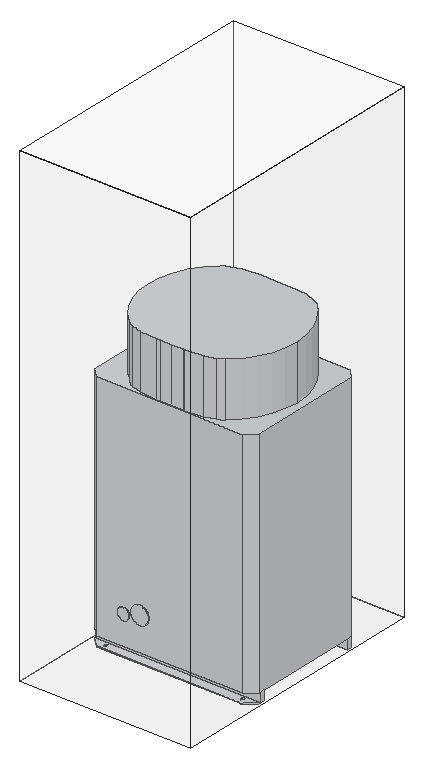
Revit family "室外機（高効率EX50Hz）_MEE修正", category 機械設備, Revit 2019
Family settings
  丸型コネクタ寸法 = 直径を使用
  パーツ タイプ = 標準
  OmniClass 番号 = 23.75.10.24.21.27.27
  OmniClass タイトル = Split System Air Conditioning Units
  作業面ベース = いいえ
  常に垂直 = はい
  ロード時にボイドで切り取り = いいえ
  共有 = いいえ
  部屋計算ポイント = いいえ
Parameters (values of type "PUHY-EP140DMG7_タイプA")
  風量（m3／min） = 165
  風量 = MAX風量  # 9900.0 m³/h
  音響パワーレベル(dB) = 76
  電源種別 = ""
  電源位置2Y（ユニット3） = 121 mm
  電源位置2Y（ユニット2） = 121 mm
  電源位置2Y（ユニット1） = 121 mm
  電源位置2X（ユニット3） = 177 mm
  電源位置2X（ユニット2） = 177 mm
  電源位置2X（ユニット1） = 177 mm
  電源位置1Z（ユニット3） = 217 mm
  電源位置1Z（ユニット2） = 217 mm
  電源位置1Z（ユニット1） = 217 mm
  電源位置1X（ユニット3） = 201 mm
  電源位置1X（ユニット2） = 201 mm
  電源位置1X（ユニット1） = 201 mm
  電圧 = 200 V
  電動機出力_送風機 = 0.35 kW
  電動機出力_圧縮機 = 3.77 kW
  集中コントローラ [instance] = ""
  運転質量 = 0.00 kg
  運転方法 = "冷暖切替"
  質量 = if(製品質量 > 運転質量, 製品質量, 運転質量) * 1.2  # 202.80 kg
  負荷分類 = 1_熱源類
  説明 = "ビル用マルチエアコン　Y　GR高効率EX　室外機"
  設計暖房能力 [instance] = 0 kW
  設計冷房能力_顕熱 [instance] = 0 kW
  設計冷房能力 [instance] = 0 kW
  設置方法 = "床置形"
  記号 [instance] = ""
  製造元 = "三菱電機株式会社"
  製品質量 = 169.00 kg
  製品出荷対象 = "国内"
  製品リリース年月 = "2020/7/22"
  製品グループ = ""
  系統 [instance] = ""
  符号 = "EHP"
  積算_科目 = "1 空気調和設備"
  積算_拾い区分 [instance] = ""
  相 = 3
  盤記号 [instance] = ""
  発停方法 = "付属スイッチ"
  特殊仕様 [instance] = ""
  消費電力_暖房 = 4.76 kW
  消費電力_冷房 = 3.6 kW
  消費電力 = if(消費電力_冷房 > 消費電力_暖房, 消費電力_冷房, 消費電力_暖房)  # 4.76 kW
  法定耐用年数 = "15"
  極数 = 3
  材質 [instance] = ""
  本体マテリアル = none
  最小電線太さ_mm2 = 5.5
  最大電流値 = 0 A
  暖房能力 = 16 kW
  推奨ブレーカー容量 = 30 A
  据付ピッチ1 = 0 mm
  形式 = "マルチパッケージ形 室外機"
  幹線記号 [instance] = ""
  始動方式 = ""
  呼称 = "マルチパッケージ形空気調和機"
  周波数 = 50 Hz
  参照している仕様書等のバージョン = "公共建築工事標準仕様書（機械設備工事編）平成31年度版"
  分類コード = "50053003300020"
  分類グループ = ""
  冷房能力 = 14 kW
  冷媒管（液）位置2 (ユニット3) = 147 mm
  冷媒管（液）位置2 (ユニット2) = 147 mm
  冷媒管（液）位置1 (ユニット3） = 251 mm
  冷媒管（ガス）位置2 (ユニット3) = 137 mm
  冷媒管（ガス）位置2 (ユニット2) = 137 mm
  冷媒管（ガス）位置1 (ユニット3) = 83 mm
  冷媒管（ガス）位置1 (ユニット1) = 83 mm
  冷媒管（液）位置1 (ユニット1) = 251 mm
  冷媒管（液）位置2 (ユニット1) = 147 mm
  冷媒管（ガス）位置2 (ユニット1) = 137 mm
  冷媒管（ガス）位置1 (ユニット2) = 83 mm
  冷媒管（液）位置1 (ユニット2） = 251 mm
  冷媒管長 [instance] = 0 mm
  冷媒管径符号 = "Bd"
  冷媒管径3 = 100.00 mm
  冷媒管径2 = 100.00 mm
  冷媒管径 = 100.00 mm
  冷媒管位置3 (ユニット3) = 242 mm
  冷媒管位置3 (ユニット2) = 242 mm
  冷媒管位置3 (ユニット1) = 242 mm
  冷媒管位置2 (ユニット3) = 142 mm
  冷媒管位置2 (ユニット2) = 142 mm
  冷媒管位置1 (ユニット2) = 292.5 mm
  冷媒管位置2 (ユニット1) = 142 mm
  冷媒管位置1 (ユニット3) = 292.5 mm
  冷媒管位置1 (ユニット1) = 292.5 mm
  冷媒液管径3 = 9.52 mm
  冷媒液管径2 = 9.52 mm
  冷媒液管径 = 9.52 mm
  冷媒ガス管径3 = 15.88 mm
  冷媒ガス管径2 = 15.88 mm
  冷媒ガス管径 = 15.88 mm
  企業コード = "108420"
  付属品 [instance] = ""
  仕様書バージョン = "Version1.0"
  ユニット隙間 = if(サービススペース_タイプA, 30 mm, 100 mm)  # 30 mm
  ユニット数 = 1
  ユニットタイプ3 = 筐体モジュール（高効率EX） : 140筐体
  ユニットタイプ2 = 筐体モジュール（高効率EX） : 140筐体
  ユニットタイプ1 = 筐体モジュール（高効率EX） : 140筐体
  ユニット3_S = no
  ユニット3_L = no
  ユニット3 = no
  ユニット2_S = no
  ユニット2_L = no
  ユニット2 = no
  ユニット1_S = no
  ユニット1_L = no
  モデル = "PUHY-EP140DMG7"
  ドレン管径 = 0.00 mm
  サービススペース_タイプA = yes
  サービススペース = yes
  コメント [instance] = ""
  ケーブル種類 = ""
  ケーブルサイズ = 0 mm
  アンカーボルト位置Y（ユニット3） = 681 mm
  アンカーボルト位置Y（ユニット2） = 681 mm
  アンカーボルト位置Y（ユニット1） = 681 mm
  アンカーボルト位置X（ユニット3） = 760 mm
  アンカーボルト位置X（ユニット2） = 760 mm
  アンカーボルト位置X（ユニット1） = 760 mm
  Width3 = 920 mm
  Width2 = 920 mm
  Width1 = 920 mm
  Width = if(ユニット3, Width1 + Width2 + Width3 + 2 * ユニット隙間, if(ユニット2, Width1 + Width2 + 1 * ユニット隙間, Width1))  # 920 mm
  Version = ""
  Uniclass2015Version = "Systems v1.9"
  Uniclass2015Title = "Split coil remote air cooled condensing units"
  Uniclass2015Code = "Pr_70_65_03_84"
  URL = "https://www.mitsubishielectric.co.jp/ldg/wink/ssl/displayProduct.do?pid=307677"
  SpecificationReference = ""
  SpecificationDescription = ""
  Revision = ""
  ProductInformation = ""
  OmniClassCode = "23-75 10 24 21 27 27"
  MAX風量 = 風量（m3／min） * 60.0 m³/h  # 9900.0 m³/h
  IfcTypeProduct = ""
  IfcProduct = ""
  IfcExportType = "AIRCONDITIONINGUNIT"
  IfcExportAs = "IfcUnitaryEquipmentType"
  Height = 1650 mm
  Depth = 740 mm
  Clearance Top [instance] = if(サービススペース_タイプA, 1000 mm, 1000 mm)  # 1000 mm
  Clearance Right [instance] = if(サービススペース_タイプA, 15 mm, 50 mm)  # 15 mm
  Clearance Left [instance] = if(サービススペース_タイプA, 15 mm, 50 mm)  # 15 mm
  Clearance Front [instance] = if(サービススペース_タイプA, 450 mm, 450 mm)  # 450 mm
  Clearance Back [instance] = if(サービススペース_タイプA, 300 mm, 100 mm)  # 300 mm
  COP = 0
  Author = "三菱電機株式会社"
  APF = 5.7
Reference planes
  plane 1 "中心(正面/背面)": y = 0
  plane 2: z = 0
  plane 3 "中心(左/右)": x = 2230
  plane 4 "右": x = 2690
  plane 5 "左": x = 1770
  plane 6 "背面": y = 370
  plane 7 "正面": y = -370
  plane 8: z = 1347
  plane 9 "上部": z = 1650
  plane 10 "Clearanse Top": z = 2650
  plane 11: x = 162.5
  plane 12 "冷媒操作弁ガス芯2": y = -228
  plane 13 "冷媒操作弁液芯2": y = -228
  plane 14 "SS_back": y = 670
  plane 15 "SS_front": y = -820
  plane 16 "SS_left": x = 1755
  plane 17 "SS_right": x = 2705
  plane 18: x = 790
  plane 19: x = 820
  plane 20: x = 1740
  plane 21: x = 1770
  plane 22: x = -130
  plane 23: x = 1112.5
  plane 24: x = 2062.5
  plane 25: x = 330
  plane 26: x = 1280
  plane 27: x = 2230
  plane 28: z = 53
  plane 29: z = 242
  plane 30: y = -228
  plane 31: z = 54
  plane 32: z = 242
  plane 33: z = 242
  plane 34: z = 217
  plane 35: z = 217
  plane 36: z = 217
  plane 37: y = -249
  plane 38: y = -249
  plane 39: y = -249
  plane 40: x = 1947
  plane 41: x = 997
  plane 42: x = 47
  plane 43: x = 71
  plane 44: x = 1021
  plane 45: x = 1971
Forms (mm)
  Extrusion 1, solid, detail levels fine
    sketch origin (0, -370, 0) x (1, 0, 0) y (0, 0, 1)
      loop
        circle (2062.5, 242) r 50
    from 0 to 1
  Extrusion 2, solid, visible <- "ユニット2", detail levels fine
    sketch origin (0, -370, 0) x (1, 0, 0) y (0, 0, 1)
      loop
        circle (1112.5, 242) r 50
    from 0 to 1
  Extrusion 3, solid, visible <- "ユニット3", detail levels fine
    sketch origin (0, -370, 0) x (1, 0, 0) y (0, 0, 1)
      loop
        circle (162.5, 242) r 50
    from 0 to 1
  Extrusion 4, solid, detail levels fine
    sketch origin (-1437.329, -1524, 54) x (-1, 0, 0) y (0, -1, 0)
      loop
        circle (-3499.829, -1296) r 50
    from 0 to -1
  Extrusion 5, solid, visible <- "ユニット2", detail levels fine
    sketch origin (-1437.329, -1524, 54) x (-1, 0, 0) y (0, -1, 0)
      loop
        circle (-2549.829, -1296) r 50
    from 0 to -1
  Extrusion 6, solid, visible <- "ユニット3", detail levels fine
    sketch origin (-1437.329, -1524, 54) x (-1, 0, 0) y (0, -1, 0)
      loop
        circle (-1599.829, -1296) r 50
    from 0 to -1
  Extrusion 7, solid, detail levels fine
    sketch origin (-1437.329, -1524, 54) x (-1, 0, 0) y (0, -1, 0)
      loop
        circle (-3384.329, -1275) r 32.5
    from -1 to 0
  Extrusion 8, solid, visible <- "ユニット2", detail levels fine
    sketch origin (-1437.329, -1524, 54) x (-1, 0, 0) y (0, -1, 0)
      loop
        circle (-2434.329, -1275) r 32.5
    from -1 to 0
  Extrusion 9, solid, visible <- "ユニット3", detail levels fine
    sketch origin (-1437.329, -1524, 54) x (-1, 0, 0) y (0, -1, 0)
      loop
        circle (-1484.329, -1275) r 32.5
    from -1 to 0
  Extrusion 10, solid, detail levels fine
    sketch origin (0, -370, 0) x (1, 0, 0) y (0, 0, 1)
      loop
        circle (1971, 217) r 32.5
    from 0 to 1
  Extrusion 11, solid, visible <- "ユニット2", detail levels fine
    sketch origin (0, -370, 0) x (1, 0, 0) y (0, 0, 1)
      loop
        circle (1021, 217) r 32.5
    from 0 to 1
  Extrusion 12, solid, visible <- "ユニット3", detail levels fine
    sketch origin (0, -370, 0) x (1, 0, 0) y (0, 0, 1)
      loop
        circle (71, 217) r 32.5
    from 0 to 1
Lines and regions (mm)
  model lines, not visible
    curve 1: line (460, 178.667, 1289.179) -> (460, 297.73, 1289.179)
    curve 2: line (460, 178.667, 1056.056) -> (460, 178.667, 1289.179)
    curve 3: line (460, 297.73, 1056.056) -> (460, 178.667, 1056.056)
    curve 4: line (460, 297.73, 1289.179) -> (460, 297.73, 1056.056)
    curve 5: line (460, 47.598, 1289.179) -> (460, 166.661, 1289.179)
    curve 6: line (460, 47.598, 1056.056) -> (460, 47.598, 1289.179)
    curve 7: line (460, 166.661, 1056.056) -> (460, 47.598, 1056.056)
    curve 8: line (460, 166.661, 1289.179) -> (460, 166.661, 1056.056)
    curve 9: line (460, -83.471, 1289.179) -> (460, 35.592, 1289.179)
    curve 10: line (460, -83.471, 1056.056) -> (460, -83.471, 1289.179)
    curve 11: line (460, 35.592, 1056.056) -> (460, -83.471, 1056.056)
    curve 12: line (460, 35.592, 1289.179) -> (460, 35.592, 1056.056)
    curve 13: line (460, -150.779, 1289.179) -> (460, -95.75, 1289.179)
    curve 14: line (460, -150.779, 1056.056) -> (460, -150.779, 1289.179)
    curve 15: line (460, -95.75, 1056.056) -> (460, -150.779, 1056.056)
    curve 16: line (460, -95.75, 1289.179) -> (460, -95.75, 1056.056)
    curve 17: line (460, -150.779, 1283.175) -> (460, -132.596, 1283.175)
    curve 18: line (460, -150.779, 1062.059) -> (460, -150.779, 1283.175)
    curve 19: line (460, -132.596, 1062.059) -> (460, -150.779, 1062.059)
    curve 20: line (460, -132.596, 1283.175) -> (460, -132.596, 1062.059)
    curve 21: line (460, 178.667, 1046.051) -> (460, 297.73, 1046.051)
    curve 22: line (460, 178.667, 812.928) -> (460, 178.667, 1046.051)
    curve 23: line (460, 297.73, 812.928) -> (460, 178.667, 812.928)
    curve 24: line (460, 297.73, 1046.051) -> (460, 297.73, 812.928)
    curve 25: line (460, 47.598, 1046.051) -> (460, 166.661, 1046.051)
    curve 26: line (460, 47.598, 812.928) -> (460, 47.598, 1046.051)
    curve 27: line (460, 166.661, 812.928) -> (460, 47.598, 812.928)
    curve 28: line (460, 166.661, 1046.051) -> (460, 166.661, 812.928)
    curve 29: line (460, -83.471, 1046.051) -> (460, 35.592, 1046.051)
    curve 30: line (460, -83.471, 812.928) -> (460, -83.471, 1046.051)
    curve 31: line (460, 35.592, 812.928) -> (460, -83.471, 812.928)
    curve 32: line (460, 35.592, 1046.051) -> (460, 35.592, 812.928)
    curve 33: line (460, -150.779, 1046.051) -> (460, -95.75, 1046.051)
    curve 34: line (460, -150.779, 812.928) -> (460, -150.779, 1046.051)
    curve 35: line (460, -95.75, 812.928) -> (460, -150.779, 812.928)
    curve 36: line (460, -95.75, 1046.051) -> (460, -95.75, 812.928)
    curve 37: line (460, -150.779, 1040.048) -> (460, -132.596, 1040.048)
    curve 38: line (460, -150.779, 818.931) -> (460, -150.779, 1040.048)
    curve 39: line (460, -132.596, 818.931) -> (460, -150.779, 818.931)
    curve 40: line (460, -132.596, 1040.048) -> (460, -132.596, 818.931)
    curve 41: line (460, 178.667, 802.923) -> (460, 297.73, 802.923)
    curve 42: line (460, 178.667, 569.8) -> (460, 178.667, 802.923)
    curve 43: line (460, 297.73, 569.8) -> (460, 178.667, 569.8)
    curve 44: line (460, 297.73, 802.923) -> (460, 297.73, 569.8)
    curve 45: line (460, 47.598, 802.923) -> (460, 166.661, 802.923)
    curve 46: line (460, 47.598, 569.8) -> (460, 47.598, 802.923)
    curve 47: line (460, 166.661, 569.8) -> (460, 47.598, 569.8)
    curve 48: line (460, 166.661, 802.923) -> (460, 166.661, 569.8)
    curve 49: line (460, -83.471, 802.923) -> (460, 35.592, 802.923)
    curve 50: line (460, -83.471, 569.8) -> (460, -83.471, 802.923)
    curve 51: line (460, 35.592, 569.8) -> (460, -83.471, 569.8)
    curve 52: line (460, 35.592, 802.923) -> (460, 35.592, 569.8)
    curve 53: line (460, -150.779, 802.923) -> (460, -95.75, 802.923)
    curve 54: line (460, -150.779, 569.8) -> (460, -150.779, 802.923)
    curve 55: line (460, -95.75, 569.8) -> (460, -150.779, 569.8)
    curve 56: line (460, -95.75, 802.923) -> (460, -95.75, 569.8)
    curve 57: line (460, -150.779, 796.92) -> (460, -132.596, 796.92)
    curve 58: line (460, -150.779, 575.803) -> (460, -150.779, 796.92)
    curve 59: line (460, -132.596, 575.803) -> (460, -150.779, 575.803)
    curve 60: line (460, -132.596, 796.92) -> (460, -132.596, 575.803)
    curve 61: line (460, 178.667, 559.795) -> (460, 297.73, 559.795)
    curve 62: line (460, 178.667, 326.672) -> (460, 178.667, 559.795)
    curve 63: line (460, 297.73, 326.672) -> (460, 178.667, 326.672)
    curve 64: line (460, 297.73, 559.795) -> (460, 297.73, 326.672)
    curve 65: line (460, 47.598, 559.795) -> (460, 166.661, 559.795)
    curve 66: line (460, 47.598, 326.672) -> (460, 47.598, 559.795)
    curve 67: line (460, 166.661, 326.672) -> (460, 47.598, 326.672)
    curve 68: line (460, 166.661, 559.795) -> (460, 166.661, 326.672)
    curve 69: line (460, -83.471, 559.795) -> (460, 35.592, 559.795)
    curve 70: line (460, -83.471, 326.672) -> (460, -83.471, 559.795)
    curve 71: line (460, 35.592, 326.672) -> (460, -83.471, 326.672)
    curve 72: line (460, 35.592, 559.795) -> (460, 35.592, 326.672)
    curve 73: line (460, -150.779, 559.795) -> (460, -95.75, 559.795)
    curve 74: line (460, -150.779, 326.672) -> (460, -150.779, 559.795)
    curve 75: line (460, -95.75, 326.672) -> (460, -150.779, 326.672)
    curve 76: line (460, -95.75, 559.795) -> (460, -95.75, 326.672)
    curve 77: line (460, -150.779, 553.792) -> (460, -132.596, 553.792)
    curve 78: line (460, -150.779, 332.675) -> (460, -150.779, 553.792)
    curve 79: line (460, -132.596, 332.675) -> (460, -150.779, 332.675)
    curve 80: line (460, -132.596, 553.792) -> (460, -132.596, 332.675)
    curve 81: line (460, 178.667, 316.667) -> (460, 297.73, 316.667)
    curve 82: line (460, 178.667, 83.544) -> (460, 178.667, 316.667)
    curve 83: line (460, 297.73, 83.544) -> (460, 178.667, 83.544)
    curve 84: line (460, 297.73, 316.667) -> (460, 297.73, 83.544)
    curve 85: line (460, 47.598, 316.667) -> (460, 166.661, 316.667)
    curve 86: line (460, 47.598, 83.544) -> (460, 47.598, 316.667)
    curve 87: line (460, 166.661, 83.544) -> (460, 47.598, 83.544)
    curve 88: line (460, 166.661, 316.667) -> (460, 166.661, 83.544)
    curve 89: line (460, -83.471, 316.667) -> (460, 35.592, 316.667)
    curve 90: line (460, -83.471, 83.544) -> (460, -83.471, 316.667)
    curve 91: line (460, 35.592, 83.544) -> (460, -83.471, 83.544)
    curve 92: line (460, 35.592, 316.667) -> (460, 35.592, 83.544)
    curve 93: line (460, -150.779, 316.667) -> (460, -95.75, 316.667)
    curve 94: line (460, -150.779, 83.544) -> (460, -150.779, 316.667)
    curve 95: line (460, -95.75, 83.544) -> (460, -150.779, 83.544)
    curve 96: line (460, -95.75, 316.667) -> (460, -95.75, 83.544)
    curve 97: line (460, -150.779, 310.664) -> (460, -132.596, 310.664)
    curve 98: line (460, -150.779, 89.547) -> (460, -150.779, 310.664)
    curve 99: line (460, -132.596, 89.547) -> (460, -150.779, 89.547)
    curve 100: line (460, -132.596, 310.664) -> (460, -132.596, 89.547)
Dimensions and locks
  plane 8 to level = 1347 mm
  equal spacing: plane 7 "正面", plane 1 "中心(正面/背面)", plane 6 "背面", locked at 370 each
  "Depth": plane 7 "正面" to plane 6 "背面"
  "Width": plane 5 "左" to plane 4 "右"
  equal spacing: plane 5 "左", plane 3 "中心(左/右)", plane 4 "右"
  "冷媒管位置2 (ユニット3)": plane 7 "正面" to plane 13 "冷媒操作弁液芯2"
  "冷媒管位置2 (ユニット2)": plane 7 "正面" to plane 12 "冷媒操作弁ガス芯2"
  "Clearance Left": plane 16 "SS_left" to plane 5 "左"
  "Clearance Right": plane 4 "右" to plane 17 "SS_right"
  "Clearance Back": plane 6 "背面" to plane 14 "SS_back"
  "Clearance Front": plane 15 "SS_front" to plane 7 "正面"
  "Clearance Top": plane 10 "Clearanse Top" to plane 9 "上部"
  "Height": plane 9 "上部" to plane 2
  plane 9 "上部" to plane 8 = 303 mm
  "ユニット隙間": plane 18 to plane 19
  "Width2": plane 19 to plane 20
  "ユニット隙間": plane 20 to plane 21
  "Width3": plane 22 to plane 18
  "Width1": plane 21 to plane 4 "右"
  "冷媒管位置1 (ユニット2)": plane 19 to plane 23
  "冷媒管位置1 (ユニット1)": plane 21 to plane 24
  "冷媒管位置1 (ユニット3)": plane 22 to plane 11
  equal spacing: plane 22, plane 25, plane 18
  equal spacing: plane 19, plane 26, plane 20
  equal spacing: plane 21, plane 27, plane 4 "右"
  "冷媒管位置2 (ユニット1)": plane 7 "正面" to plane 30
  plane 31 to level = 54 mm
  "冷媒管位置3 (ユニット1)": plane 29 to level
  locked: plane 31 to plane 28 at 1
  "冷媒管位置3 (ユニット2)": plane 32 to level
  "冷媒管位置3 (ユニット3)": plane 33 to level
  "電源位置1Z（ユニット1）": plane 36 to level
  "電源位置1Z（ユニット2）": plane 35 to level
  "電源位置1Z（ユニット3）": plane 34 to level
  "電源位置2Y（ユニット1）": plane 7 "正面" to plane 37
  "電源位置2Y（ユニット2）": plane 7 "正面" to plane 38
  "電源位置2Y（ユニット3）": plane 7 "正面" to plane 39
  "電源位置2X（ユニット3）": plane 22 to plane 42
  "電源位置2X（ユニット2）": plane 19 to plane 41
  "電源位置2X（ユニット1）": plane 21 to plane 40
  "電源位置1X（ユニット1）": plane 45 to plane 21
  "電源位置1X（ユニット2）": plane 44 to plane 19
  "電源位置1X（ユニット3）": plane 43 to plane 22
  "冷媒管径": diameter of Extrusion 1 sketch curve
  "冷媒管径2": diameter of Extrusion 2 sketch curve
  "冷媒管径3": diameter of Extrusion 3 sketch curve
  "冷媒管径": diameter of Extrusion 4 sketch curve
  "冷媒管径2": diameter of Extrusion 5 sketch curve
  "冷媒管径3": diameter of Extrusion 6 sketch curve
  radius of Extrusion 7 sketch curve = 32.5 mm
  radius of Extrusion 8 sketch curve = 32.5 mm
  radius of Extrusion 9 sketch curve = 32.5 mm
  radius of Extrusion 10 sketch curve = 32.5 mm
  radius of Extrusion 11 sketch curve = 32.5 mm
  radius of Extrusion 12 sketch curve = 32.5 mm
  aligned and locked: level to plane 2
  aligned and locked: plane 14 "SS_back" to nested 1  (x2)
  aligned and locked: plane 17 "SS_right" to nested 1
  aligned and locked: plane 16 "SS_left" to nested 1  (x2)
  aligned and locked: nested 1 to plane 17 "SS_right"
  aligned and locked: plane 15 "SS_front" to nested 1
  aligned and locked: plane 1 "中心(正面/背面)" to nested 2
  aligned and locked: plane 10 "Clearanse Top" to nested 1
  aligned and locked: nested 1 to plane 2
  aligned and locked: plane 6 "背面" to nested 4
  aligned and locked: plane 7 "正面" to nested 4
  aligned and locked: plane 25 to nested 2
  aligned and locked: plane 26 to nested 3
  aligned and locked: plane 27 to nested 4
  aligned and locked: plane 1 "中心(正面/背面)" to nested 4
  aligned and locked: plane 1 "中心(正面/背面)" to nested 3
  aligned and locked: plane 29 to Extrusion 1 sketch curve
  aligned and locked: plane 24 to Extrusion 1 sketch curve
  aligned and locked: plane 23 to Extrusion 2 sketch curve
  aligned and locked: plane 11 to Extrusion 3 sketch curve
  aligned and locked: plane 30 to Extrusion 4 sketch curve
  aligned and locked: plane 24 to Extrusion 4 sketch curve
  aligned and locked: plane 12 "冷媒操作弁ガス芯2" to Extrusion 5 sketch curve
  aligned and locked: plane 23 to Extrusion 5 sketch curve
  aligned and locked: plane 13 "冷媒操作弁液芯2" to Extrusion 6 sketch curve
  aligned and locked: plane 11 to Extrusion 6 sketch curve
  aligned and locked: plane 32 to Extrusion 2 sketch curve
  aligned and locked: plane 33 to Extrusion 3 sketch curve
  aligned and locked: plane 37 to Extrusion 7 sketch curve
  aligned and locked: plane 40 to Extrusion 7 sketch curve
  aligned and locked: plane 38 to Extrusion 8 sketch curve
  aligned and locked: plane 41 to Extrusion 8 sketch curve
  aligned and locked: plane 39 to Extrusion 9 sketch curve
  aligned and locked: plane 42 to Extrusion 9 sketch curve
  aligned and locked: plane 31 to Extrusion 7
  aligned and locked: Extrusion 7 to plane 28
  aligned and locked: plane 31 to Extrusion 8
  aligned and locked: Extrusion 8 to plane 28
  aligned and locked: plane 31 to Extrusion 9
  aligned and locked: Extrusion 9 to plane 28
  aligned and locked: plane 36 to Extrusion 10 sketch curve
  aligned and locked: plane 45 to Extrusion 10 sketch curve
  aligned and locked: plane 35 to Extrusion 11 sketch curve
  aligned and locked: plane 44 to Extrusion 11 sketch curve
  aligned and locked: plane 34 to Extrusion 12 sketch curve
  aligned and locked: plane 43 to Extrusion 12 sketch curve
  aligned and locked: Extrusion 10 to plane 7 "正面"
  aligned and locked: Extrusion 10 to Extrusion 1
  aligned and locked: Extrusion 11 to plane 7 "正面"
  aligned and locked: Extrusion 11 to Extrusion 2
  aligned and locked: Extrusion 12 to plane 7 "正面"
  aligned and locked: Extrusion 12 to Extrusion 3
Nested families
  nested 1: "サービススペース" at (2230, -75, 1325), visible <- "サービススペース", type "サービススペース"
    with Width 950 mm, Height 2650 mm, Depth 1490 mm
  nested 2: "筐体モジュール（高効率EX）" at (330, 0, 0), 冷媒ガス管径 <- "冷媒ガス管径3", 冷媒液管径 <- "冷媒液管径3", Width <- "Width3", Depth <- "Depth", Height <- "Height", type <- "ユニットタイプ3", 冷媒ガス_X <- "冷媒管（ガス）位置1 (ユニット3)", 冷媒ガス_Y <- "冷媒管（ガス）位置2 (ユニット3)", 冷媒液_X <- "冷媒管（液）位置1 (ユニット3）", 冷媒液_Y <- "冷媒管（液）位置2 (ユニット3)", 冷媒管径 <- "冷媒管径3", 冷媒管径_X <- "冷媒管位置1 (ユニット3)", 冷媒管径_Y <- "冷媒管位置2 (ユニット3)", 冷媒管径_Z <- "冷媒管位置3 (ユニット3)", ユニット2 <- "ユニット3", type "140筐体"
    with 冷媒管径_Z 242 mm, 冷媒管径_Y 142 mm, 冷媒管径_X 292.5 mm, 冷媒管径 100 mm, 冷媒液管径 9.52 mm, 冷媒液_Z 262 mm, 冷媒液_Y 147 mm, 冷媒液_X 251 mm, 冷媒ガス管径 15.88 mm, 冷媒ガス_Z 222 mm, 冷媒ガス_Y 137 mm, 冷媒ガス_X 83 mm, ユニット234X no, ユニット2 no, Width 920 mm, Height 1650 mm, Depth 740 mm
  nested 3: "筐体モジュール（高効率EX）" at (1280, 0, 0), 冷媒ガス管径 <- "冷媒ガス管径2", 冷媒液管径 <- "冷媒液管径2", Width <- "Width2", Depth <- "Depth", Height <- "Height", type <- "ユニットタイプ2", 冷媒ガス_X <- "冷媒管（ガス）位置1 (ユニット2)", 冷媒ガス_Y <- "冷媒管（ガス）位置2 (ユニット2)", 冷媒液_X <- "冷媒管（液）位置1 (ユニット2）", 冷媒液_Y <- "冷媒管（液）位置2 (ユニット2)", 冷媒管径 <- "冷媒管径2", 冷媒管径_X <- "冷媒管位置1 (ユニット2)", 冷媒管径_Y <- "冷媒管位置2 (ユニット2)", 冷媒管径_Z <- "冷媒管位置3 (ユニット2)", ユニット2 <- "ユニット2", type "140筐体"
    with 冷媒管径_Z 242 mm, 冷媒管径_Y 142 mm, 冷媒管径_X 292.5 mm, 冷媒管径 100 mm, 冷媒液管径 9.52 mm, 冷媒液_Z 262 mm, 冷媒液_Y 147 mm, 冷媒液_X 251 mm, 冷媒ガス管径 15.88 mm, 冷媒ガス_Z 222 mm, 冷媒ガス_Y 137 mm, 冷媒ガス_X 83 mm, ユニット234X no, ユニット2 no, Width 920 mm, Height 1650 mm, Depth 740 mm
  nested 4: "筐体モジュール（高効率EX）" at (2230, 0, 0), 冷媒ガス管径 <- "冷媒ガス管径", 冷媒液管径 <- "冷媒液管径", Depth <- "Depth", Height <- "Height", Width <- "Width1", type <- "ユニットタイプ1", 冷媒ガス_X <- "冷媒管（ガス）位置1 (ユニット1)", 冷媒ガス_Y <- "冷媒管（ガス）位置2 (ユニット1)", 冷媒液_X <- "冷媒管（液）位置1 (ユニット1)", 冷媒液_Y <- "冷媒管（液）位置2 (ユニット1)", 冷媒管径 <- "冷媒管径", 冷媒管径_X <- "冷媒管位置1 (ユニット1)", 冷媒管径_Y <- "冷媒管位置2 (ユニット1)", 冷媒管径_Z <- "冷媒管位置3 (ユニット1)", type "140筐体"
    with 冷媒管径_Z 242 mm, 冷媒管径_Y 142 mm, 冷媒管径_X 292.5 mm, 冷媒管径 100 mm, 冷媒液管径 9.52 mm, 冷媒液_Z 262 mm, 冷媒液_Y 147 mm, 冷媒液_X 251 mm, 冷媒ガス管径 15.88 mm, 冷媒ガス_Z 222 mm, 冷媒ガス_Y 137 mm, 冷媒ガス_X 83 mm, ユニット234X yes, ユニット2 yes, Width 920 mm, Height 1650 mm, Depth 740 mm
Connectors
  piping at (162.5, -228, 53), diameter 100, driven by "冷媒管径3", driven by "冷媒管径符号"
    settings: on Extrusion 6, index 6, connector inside diameter 609.60 mm, connector length 0 mm, flow factor 0, pipe flow 0.0 L/s, pressure drop 0.0 Pa, fitting loss kfactor 0, connector angle 0.00°, fixture units 0, engagement length 0 mm, angle of deflection 0.00°, flow configuration 1, flow direction 2, fitting loss method 4, system type 7, joint type 0, gender type 0, connector reference index -1, connector utility 0, adjustable connector no, is connector primary yes, connector description "Bd"
  piping at (2062.5, -228, 53), diameter 100, driven by "冷媒管径", driven by "冷媒管径符号"
    settings: on Extrusion 4, index 7, connector inside diameter 609.60 mm, connector length 0 mm, flow factor 0, pipe flow 0.0 L/s, pressure drop 0.0 Pa, fitting loss kfactor 0, connector angle 0.00°, fixture units 0, engagement length 0 mm, angle of deflection 0.00°, flow configuration 1, flow direction 2, fitting loss method 4, system type 7, joint type 0, gender type 0, connector reference index -1, connector utility 0, adjustable connector no, is connector primary no, connector description "Bd"
  piping at (1112.5, -228, 53), diameter 100, driven by "冷媒管径2", driven by "冷媒管径符号"
    settings: on Extrusion 5, index 8, connector inside diameter 609.60 mm, connector length 0 mm, flow factor 0, pipe flow 0.0 L/s, pressure drop 0.0 Pa, fitting loss kfactor 0, connector angle 0.00°, fixture units 0, engagement length 0 mm, angle of deflection 0.00°, flow configuration 1, flow direction 2, fitting loss method 4, system type 7, joint type 0, gender type 0, connector reference index -1, connector utility 0, adjustable connector no, is connector primary no, connector description "Bd"
  piping at (162.5, -371, 242), diameter 100, driven by "冷媒管径3", driven by "冷媒管径符号"
    settings: on Extrusion 3, index 9, connector inside diameter 609.60 mm, connector length 0 mm, flow factor 0, pipe flow 0.0 L/s, pressure drop 0.0 Pa, fitting loss kfactor 0, connector angle 0.00°, fixture units 0, engagement length 0 mm, angle of deflection 0.00°, flow configuration 1, flow direction 2, fitting loss method 4, system type 7, joint type 0, gender type 0, connector reference index -1, connector utility 0, adjustable connector no, is connector primary no, connector description "Bd"
  piping at (1112.5, -371, 242), diameter 100, driven by "冷媒管径2", driven by "冷媒管径符号"
    settings: on Extrusion 2, index 10, connector inside diameter 609.60 mm, connector length 0 mm, flow factor 0, pipe flow 0.0 L/s, pressure drop 0.0 Pa, fitting loss kfactor 0, connector angle 0.00°, fixture units 0, engagement length 0 mm, angle of deflection 0.00°, flow configuration 1, flow direction 2, fitting loss method 4, system type 7, joint type 0, gender type 0, connector reference index -1, connector utility 0, adjustable connector no, is connector primary no, connector description "Bd"
  piping at (2062.5, -371, 242), diameter 100, driven by "冷媒管径", driven by "冷媒管径符号"
    settings: on Extrusion 1, index 11, connector inside diameter 609.60 mm, connector length 0 mm, flow factor 0, pipe flow 0.0 L/s, pressure drop 0.0 Pa, fitting loss kfactor 0, connector angle 0.00°, fixture units 0, engagement length 0 mm, angle of deflection 0.00°, flow configuration 1, flow direction 2, fitting loss method 4, system type 7, joint type 0, gender type 0, connector reference index -1, connector utility 0, adjustable connector no, is connector primary no, connector description "Bd"
  electrical at (1971, -371, 217), driven by "極数", driven by "負荷分類", driven by "電圧", driven by "消費電力"
    settings: on Extrusion 10, index 12, voltage 200 V, apparent load 4760 VA, apparent load phase1 0 VA, apparent load phase2 0 VA, apparent load phase3 0 VA, power factor 1, load classification "1_熱源類", number of poles 3, system type 30, power factor state 1, is connector primary yes, connector utility no, sub classification motor no, connector description ""
  electrical at (1021, -371, 217), driven by "極数", driven by "負荷分類", driven by "電圧", driven by "消費電力"
    settings: on Extrusion 11, index 13, voltage 200 V, apparent load 4760 VA, apparent load phase1 0 VA, apparent load phase2 0 VA, apparent load phase3 0 VA, power factor 1, load classification "1_熱源類", number of poles 3, system type 30, power factor state 1, is connector primary no, connector utility no, sub classification motor no, connector description ""
  electrical at (71, -371, 217), driven by "極数", driven by "負荷分類", driven by "電圧", driven by "消費電力"
    settings: on Extrusion 12, index 14, voltage 200 V, apparent load 4760 VA, apparent load phase1 0 VA, apparent load phase2 0 VA, apparent load phase3 0 VA, power factor 1, load classification "1_熱源類", number of poles 3, system type 30, power factor state 1, is connector primary no, connector utility no, sub classification motor no, connector description ""
  electrical at (1947, -249, 53), driven by "極数", driven by "負荷分類", driven by "電圧", driven by "消費電力"
    settings: on Extrusion 7, index 15, voltage 200 V, apparent load 4760 VA, apparent load phase1 0 VA, apparent load phase2 0 VA, apparent load phase3 0 VA, power factor 1, load classification "1_熱源類", number of poles 3, system type 30, power factor state 1, is connector primary no, connector utility no, sub classification motor no, connector description ""
  electrical at (997, -249, 53), driven by "極数", driven by "負荷分類", driven by "電圧", driven by "消費電力"
    settings: on Extrusion 8, index 16, voltage 200 V, apparent load 4760 VA, apparent load phase1 0 VA, apparent load phase2 0 VA, apparent load phase3 0 VA, power factor 1, load classification "1_熱源類", number of poles 3, system type 30, power factor state 1, is connector primary no, connector utility no, sub classification motor no, connector description ""
  electrical at (47, -249, 53), driven by "極数", driven by "負荷分類", driven by "電圧", driven by "消費電力"
    settings: on Extrusion 9, index 17, voltage 200 V, apparent load 4760 VA, apparent load phase1 0 VA, apparent load phase2 0 VA, apparent load phase3 0 VA, power factor 1, load classification "1_熱源類", number of poles 3, system type 30, power factor state 1, is connector primary no, connector utility no, sub classification motor no, connector description ""
Definition of nested family "サービススペース"
  Parameters (values of type "サービススペース")
    Width [instance] = 500 mm
    Height [instance] = 500 mm
    Depth [instance] = 500 mm
  Reference planes
    plane 1 "中心(正面/背面)": y = 0
    plane 2: z = 0
    plane 3 "中心(左/右)": x = 0
    plane 4: y = -250
    plane 5: x = 250
    plane 6: y = 250
    plane 7: x = -250
    plane 8: z = 250
    plane 9: z = -250
  Forms (mm)
    Extrusion 1, solid
      sketch origin (-638.939, 0, 72.39) x (1, 0, 0) y (0, 1, 0)
        loop
          line (388.939, 250) -> (388.939, -250) -> (888.939, -250) -> (888.939, 250) -> (388.939, 250)
      from -322.39 to 177.61
  Lines and regions (mm)
    symbolic lines
      curve 1: line (-250, 0, 250) -> (250, 0, 250)
      curve 2: line (-250, 0, -250) -> (-250, 0, 250)
      curve 3: line (250, 0, -250) -> (-250, 0, -250)
      curve 4: line (250, 0, 250) -> (250, 0, -250)
      curve 5: line (0, -250, 250) -> (0, 250, 250)
      curve 6: line (0, -250, -250) -> (0, -250, 250)
      curve 7: line (0, 250, -250) -> (0, -250, -250)
      curve 8: line (0, 250, 250) -> (0, 250, -250)
      curve 9: line (-250, 250, 0) -> (250, 250, 0)
      curve 10: line (-250, -250, 0) -> (-250, 250, 0)
      curve 11: line (250, -250, 0) -> (-250, -250, 0)
      curve 12: line (250, 250, 0) -> (250, -250, 0)
  Dimensions and locks
    equal spacing: plane 7, plane 3 "中心(左/右)", plane 5
    equal spacing: plane 4, plane 1 "中心(正面/背面)", plane 6
    "Depth": plane 4 to plane 6
    "Width": plane 7 to plane 5
    equal spacing: plane 8, plane 2, plane 9
    "Height": plane 8 to plane 9
    aligned and locked: plane 9 to curve 3
    aligned and locked: plane 7 to curve 2
    aligned and locked: curve 4 to plane 5
    aligned and locked: plane 5 to Extrusion 1
    aligned and locked: Extrusion 1 to plane 7
    aligned and locked: Extrusion 1 to plane 9
    aligned and locked: plane 8 to Extrusion 1
    aligned and locked: plane 9 to curve 7
  Automatic sketch dimensions
    plane 4 to Extrusion 1 sketch curve = 0 mm
    Extrusion 1 sketch curve to plane 7 = 0 mm
    Extrusion 1 sketch curve to plane 5 = 0 mm
    plane 6 to Extrusion 1 sketch curve = 0 mm
    curve 2 to plane 8 = 0 mm
    plane 4 to curve 11 = 0 mm
    curve 11 to plane 7 = 0 mm
    curve 11 to plane 5 = 0 mm
    plane 6 to curve 10 = 0 mm
    curve 7 to plane 4 = 0 mm
    curve 7 to plane 6 = 0 mm
    curve 6 to plane 8 = 0 mm
Definition of nested family "筐体モジュール（高効率EX）"
  Parameters (values of type "140筐体")
    冷媒管径_Z [instance] = 242 mm
    冷媒管径_Y [instance] = 142 mm
    冷媒管径_X [instance] = 292.5 mm
    冷媒管径 [instance] = 100 mm
    冷媒液管径 [instance] = 9.52 mm
    冷媒液_Z [instance] = 262 mm
    冷媒液_Y [instance] = 147 mm
    冷媒液_X [instance] = 251 mm
    冷媒ガス管径 [instance] = 15.88 mm
    冷媒ガス_Z [instance] = 222 mm
    冷媒ガス_Y [instance] = 137 mm
    冷媒ガス_X [instance] = 83 mm
    ユニット234X [instance] = and(ユニット2, or(Width = 920 mm, Width = 1220 mm))  # yes
    ユニット2 [instance] = yes
    Width [instance] = 920 mm
    W = 920 mm
    Height [instance] = 1650 mm
    Depth [instance] = 740 mm
  Types (5, lengths in mm): name | 冷媒管径_Z | 冷媒管径_Y | 冷媒管径_X | 冷媒液_Z | 冷媒液_Y | 冷媒液_X | 冷媒ガス管径 | 冷媒ガス_Z | 冷媒ガス_Y | Width | W
    335筐体 | 197.5 | 144 | 342.5 | 223 | 143 | 301 | 22.2 | 172 | 145 | 1220 | 1220
    224筐体 | 197 | 146 | 292.5 | 222 | 147 | 251 | 19.05 | 172 | 145 | 920 | 920
    280筐体 | 197 | 146 | 292.5 | 222 | 147 | 251 | 22.2 | 172 | 145 | 920 | 920
    140筐体 | 242 | 142 | 292.5 | 262 | 147 | 251 | 15.88 | 222 | 137 | 920 | 920
    160筐体 | 242 | 142 | 292.5 | 262 | 147 | 251 | 19.05 | 222 | 137 | 920 | 920
  Reference planes
    plane 1 "中心(正面/背面)": y = 0
    plane 2: z = 0
    plane 3 "中心(左/右)": x = 0
    plane 4: y = -370
    plane 5: x = 460
    plane 6: y = 370
    plane 7: x = -460
    plane 8: z = 1347
    plane 9: z = 1650
    plane 10: y = -313
    plane 11: y = -293
    plane 12 "本体下部": z = 54
    plane 13: y = 370
    plane 14: y = 313
    plane 15: y = 293
    plane 16: y = 340.5
    plane 17: x = -380
    plane 18: x = 380
    plane 19: y = -340.5
    plane 20 "電源高さ": z = 262
    plane 21: x = -167.5
    plane 22 "冷媒操作弁液芯1": x = -209
    plane 23 "冷媒操作弁ガス芯1": x = -126
    plane 24 "冷媒管高さ": z = 242
    plane 25 "冷媒操作弁ガス芯4": z = 53
    plane 26: x = -460
    plane 27: x = 460
    plane 28: y = -233
    plane 29: y = -223
    plane 30: z = 222
    plane 31: y = -228
  Forms (mm)
    Extrusion 1, solid, visible <- "ユニット234X", detail levels fine
      sketch origin (0, 0, 0) x (1, 0, 0) y (0, 1, 0)
        loop
          line (-408.343, 370) -> (-460, 318.843) -> (-460, -318.843) -> (-408.343, -370) -> (408.343, -370) -> (460, -318.843) -> (460, 318.843) -> (408.343, 370) -> (-408.343, 370)
      from 54 to 1347
    Extrusion 2, solid, visible <- "ユニット234X", detail levels fine
      sketch origin (0, 0, 0) x (1, 0, 0) y (0, 1, 0)
        loop
          line (-460, -293) -> (-460, -313) -> (460, -313) -> (460, -293) -> (-460, -293)
      from 0 to 54
    Extrusion 3, solid, visible <- "ユニット234X", detail levels fine
      sketch origin (0, 0, 0) x (1, 0, 0) y (0, 1, 0)
        loop
          line (-460, 293) -> (460, 293) -> (460, 313) -> (-460, 313) -> (-460, 293)
      from 0 to 54
    Extrusion 4, solid, visible <- "ユニット234X", detail levels fine
      sketch origin (0, 0, 0) x (1, 0, 0) y (0, 1, 0)
        loop
          line (-460, 313) -> (460, 313) -> (460, 318.843) -> (408.343, 370) -> (-408.343, 370) -> (-460, 318.843) -> (-460, 313)
        loop
          arc (-373, 343.5) -> (-380, 350.5) -> (-387, 343.5) r 7
          line (-387, 343.5) -> (-387, 337.5)
          arc (-387, 337.5) -> (-380, 330.5) -> (-373, 337.5) r 7
          line (-373, 337.5) -> (-373, 343.5)
        loop
          arc (387, 343.5) -> (380, 350.5) -> (373, 343.5) r 7
          line (373, 343.5) -> (373, 337.5)
          arc (373, 337.5) -> (380, 330.5) -> (387, 337.5) r 7
          line (387, 337.5) -> (387, 343.5)
      from 0 to 2
    Extrusion 5, solid, visible <- "ユニット234X", detail levels fine
      sketch origin (0, 0, 0) x (1, 0, 0) y (0, 1, 0)
        loop
          line (-460, -313) -> (-460, -318.843) -> (-408.343, -370) -> (408.343, -370) -> (460, -318.843) -> (460, -313) -> (-460, -313)
        loop
          line (-373, -343.5) -> (-373, -337.5)
          arc (-373, -337.5) -> (-380, -330.5) -> (-387, -337.5) r 7
          line (-387, -337.5) -> (-387, -343.5)
          arc (-387, -343.5) -> (-380, -350.5) -> (-373, -343.5) r 7
        loop
          line (387, -343.5) -> (387, -337.5)
          arc (387, -337.5) -> (380, -330.5) -> (373, -337.5) r 7
          line (373, -337.5) -> (373, -343.5)
          arc (373, -343.5) -> (380, -350.5) -> (387, -343.5) r 7
      from 0 to 2
    Extrusion 6, solid, visible <- "ユニット234X", detail levels fine
      sketch origin (-299.5, 0, -2.5) x (1, 0, 0) y (0, 0, 1)
        loop
          circle (132, 244.5) r 50
      from 370 to 371
    Extrusion 7, solid, visible <- "ユニット234X", detail levels fine
      sketch origin (0, 0, 0) x (1, 0, 0) y (0, 1, 0)
        loop
          arc (-268.081, 316.106) -> (-376.101, 174.18) -> (-414.476, 0) r 414.476
          arc (-414.476, 0) -> (-376.101, -174.18) -> (-268.081, -316.106) r 414.476
          arc (-268.081, -316.106) -> (-250.84, -327.278) -> (-232.369, -336.274) r 168.924
          arc (-232.369, -336.274) -> (-204.68, -346.28) -> (-176.163, -353.601) r 308.609
          arc (-176.163, -353.601) -> (-128.058, -361) -> (-79.445, -363.367) r 468.429
          arc (-79.445, -363.367) -> (-71.906, -363.425) -> (-64.372, -363.142) r 167.153
          line (-64.372, -363.142) -> (0, -363.142) -> (64.372, -363.142)
          arc (64.372, -363.142) -> (71.906, -363.425) -> (79.445, -363.367) r 167.153
          arc (79.445, -363.367) -> (128.058, -361) -> (176.163, -353.601) r 468.429
          arc (176.163, -353.601) -> (204.68, -346.28) -> (232.369, -336.274) r 308.609
          arc (232.369, -336.274) -> (250.84, -327.278) -> (268.081, -316.106) r 168.924
          arc (268.081, -316.106) -> (376.101, -174.18) -> (414.476, 0) r 414.476
          arc (414.476, 0) -> (376.101, 174.18) -> (268.082, 316.106) r 414.476
          arc (268.082, 316.106) -> (250.84, 327.278) -> (232.369, 336.274) r 168.924
          arc (232.369, 336.274) -> (204.68, 346.28) -> (176.163, 353.601) r 308.609
          arc (176.163, 353.601) -> (128.058, 361) -> (79.445, 363.367) r 468.429
          line (79.445, 363.367) -> (0, 363.367) -> (-79.445, 363.367)
          arc (-79.445, 363.367) -> (-128.058, 361) -> (-176.163, 353.601) r 468.429
          arc (-176.163, 353.601) -> (-204.68, 346.28) -> (-232.369, 336.274) r 308.609
          arc (-232.369, 336.274) -> (-250.974, 327.516) -> (-268.081, 316.106) r 138.853
      from 1347 to 1650
    Extrusion 8, solid, visible <- "ユニット234X", detail levels fine
      sketch origin (0, 0, 0) x (1, 0, 0) y (0, 1, 0)
        loop
          circle (-167.5, -228) r 50
      from 53 to 54
    Extrusion 9, solid, visible <- "ユニット234X", detail levels fine
      sketch origin (0, 0, 0) x (1, 0, 0) y (0, 1, 0)
        loop
          circle (-209, -223) r 4.76
      from 53 to 54
    Extrusion 10, solid, visible <- "ユニット234X", detail levels fine
      sketch origin (0, 0, 0) x (1, 0, 0) y (0, 1, 0)
        loop
          circle (-126, -233) r 7.94
      from 53 to 54
  Lines and regions (mm)
    Masking region 1, visible <- "ユニット234X", detail levels coarse+medium
      outline origin (0, 0, 0) x (1, 0, 0) y (0, 1, 0)
        loop
          line (-408.343, 370) -> (-460, 318.843) -> (-460, -318.843) -> (-408.343, -370) -> (408.343, -370) -> (460, -318.843) -> (460, 318.843) -> (408.343, 370) -> (-408.343, 370)
    model lines, visible <- "ユニット234X", detail levels fine
      curve 1: line (460, 178.667, 1289.179) -> (460, 297.73, 1289.179)
      curve 2: line (460, 178.667, 1056.056) -> (460, 178.667, 1289.179)
      curve 3: line (460, 297.73, 1056.056) -> (460, 178.667, 1056.056)
      curve 4: line (460, 297.73, 1289.179) -> (460, 297.73, 1056.056)
      curve 5: line (460, 47.598, 1289.179) -> (460, 166.661, 1289.179)
      curve 6: line (460, 47.598, 1056.056) -> (460, 47.598, 1289.179)
      curve 7: line (460, 166.661, 1056.056) -> (460, 47.598, 1056.056)
      curve 8: line (460, 166.661, 1289.179) -> (460, 166.661, 1056.056)
      curve 9: line (460, -83.471, 1289.179) -> (460, 35.592, 1289.179)
      curve 10: line (460, -83.471, 1056.056) -> (460, -83.471, 1289.179)
      curve 11: line (460, 35.592, 1056.056) -> (460, -83.471, 1056.056)
      curve 12: line (460, 35.592, 1289.179) -> (460, 35.592, 1056.056)
      curve 13: line (460, -150.779, 1289.179) -> (460, -95.75, 1289.179)
      curve 14: line (460, -150.779, 1056.056) -> (460, -150.779, 1289.179)
      curve 15: line (460, -95.75, 1056.056) -> (460, -150.779, 1056.056)
      curve 16: line (460, -95.75, 1289.179) -> (460, -95.75, 1056.056)
      curve 17: line (460, -150.779, 1283.175) -> (460, -132.596, 1283.175)
      curve 18: line (460, -150.779, 1062.059) -> (460, -150.779, 1283.175)
      curve 19: line (460, -132.596, 1062.059) -> (460, -150.779, 1062.059)
      curve 20: line (460, -132.596, 1283.175) -> (460, -132.596, 1062.059)
      curve 21: line (460, 178.667, 1046.051) -> (460, 297.73, 1046.051)
      curve 22: line (460, 178.667, 812.928) -> (460, 178.667, 1046.051)
      curve 23: line (460, 297.73, 812.928) -> (460, 178.667, 812.928)
      curve 24: line (460, 297.73, 1046.051) -> (460, 297.73, 812.928)
      curve 25: line (460, 47.598, 1046.051) -> (460, 166.661, 1046.051)
      curve 26: line (460, 47.598, 812.928) -> (460, 47.598, 1046.051)
      curve 27: line (460, 166.661, 812.928) -> (460, 47.598, 812.928)
      curve 28: line (460, 166.661, 1046.051) -> (460, 166.661, 812.928)
      curve 29: line (460, -83.471, 1046.051) -> (460, 35.592, 1046.051)
      curve 30: line (460, -83.471, 812.928) -> (460, -83.471, 1046.051)
      curve 31: line (460, 35.592, 812.928) -> (460, -83.471, 812.928)
      curve 32: line (460, 35.592, 1046.051) -> (460, 35.592, 812.928)
      curve 33: line (460, -150.779, 1046.051) -> (460, -95.75, 1046.051)
      curve 34: line (460, -150.779, 812.928) -> (460, -150.779, 1046.051)
      curve 35: line (460, -95.75, 812.928) -> (460, -150.779, 812.928)
      curve 36: line (460, -95.75, 1046.051) -> (460, -95.75, 812.928)
      curve 37: line (460, -150.779, 1040.048) -> (460, -132.596, 1040.048)
      curve 38: line (460, -150.779, 818.931) -> (460, -150.779, 1040.048)
      curve 39: line (460, -132.596, 818.931) -> (460, -150.779, 818.931)
      curve 40: line (460, -132.596, 1040.048) -> (460, -132.596, 818.931)
      curve 41: line (460, 178.667, 802.923) -> (460, 297.73, 802.923)
      curve 42: line (460, 178.667, 569.8) -> (460, 178.667, 802.923)
      curve 43: line (460, 297.73, 569.8) -> (460, 178.667, 569.8)
      curve 44: line (460, 297.73, 802.923) -> (460, 297.73, 569.8)
      curve 45: line (460, 47.598, 802.923) -> (460, 166.661, 802.923)
      curve 46: line (460, 47.598, 569.8) -> (460, 47.598, 802.923)
      curve 47: line (460, 166.661, 569.8) -> (460, 47.598, 569.8)
      curve 48: line (460, 166.661, 802.923) -> (460, 166.661, 569.8)
      curve 49: line (460, -83.471, 802.923) -> (460, 35.592, 802.923)
      curve 50: line (460, -83.471, 569.8) -> (460, -83.471, 802.923)
      curve 51: line (460, 35.592, 569.8) -> (460, -83.471, 569.8)
      curve 52: line (460, 35.592, 802.923) -> (460, 35.592, 569.8)
      curve 53: line (460, -150.779, 802.923) -> (460, -95.75, 802.923)
      curve 54: line (460, -150.779, 569.8) -> (460, -150.779, 802.923)
      curve 55: line (460, -95.75, 569.8) -> (460, -150.779, 569.8)
      curve 56: line (460, -95.75, 802.923) -> (460, -95.75, 569.8)
      curve 57: line (460, -150.779, 796.92) -> (460, -132.596, 796.92)
      curve 58: line (460, -150.779, 575.803) -> (460, -150.779, 796.92)
      curve 59: line (460, -132.596, 575.803) -> (460, -150.779, 575.803)
      curve 60: line (460, -132.596, 796.92) -> (460, -132.596, 575.803)
      curve 61: line (460, 178.667, 559.795) -> (460, 297.73, 559.795)
      curve 62: line (460, 178.667, 326.672) -> (460, 178.667, 559.795)
      curve 63: line (460, 297.73, 326.672) -> (460, 178.667, 326.672)
      curve 64: line (460, 297.73, 559.795) -> (460, 297.73, 326.672)
      curve 65: line (460, 47.598, 559.795) -> (460, 166.661, 559.795)
      curve 66: line (460, 47.598, 326.672) -> (460, 47.598, 559.795)
      curve 67: line (460, 166.661, 326.672) -> (460, 47.598, 326.672)
      curve 68: line (460, 166.661, 559.795) -> (460, 166.661, 326.672)
      curve 69: line (460, -83.471, 559.795) -> (460, 35.592, 559.795)
      curve 70: line (460, -83.471, 326.672) -> (460, -83.471, 559.795)
      curve 71: line (460, 35.592, 326.672) -> (460, -83.471, 326.672)
      curve 72: line (460, 35.592, 559.795) -> (460, 35.592, 326.672)
      curve 73: line (460, -150.779, 559.795) -> (460, -95.75, 559.795)
      curve 74: line (460, -150.779, 326.672) -> (460, -150.779, 559.795)
      curve 75: line (460, -95.75, 326.672) -> (460, -150.779, 326.672)
      curve 76: line (460, -95.75, 559.795) -> (460, -95.75, 326.672)
      curve 77: line (460, -150.779, 553.792) -> (460, -132.596, 553.792)
      curve 78: line (460, -150.779, 332.675) -> (460, -150.779, 553.792)
      curve 79: line (460, -132.596, 332.675) -> (460, -150.779, 332.675)
      curve 80: line (460, -132.596, 553.792) -> (460, -132.596, 332.675)
      curve 81: line (460, 178.667, 316.667) -> (460, 297.73, 316.667)
      curve 82: line (460, 178.667, 83.544) -> (460, 178.667, 316.667)
      curve 83: line (460, 297.73, 83.544) -> (460, 178.667, 83.544)
      curve 84: line (460, 297.73, 316.667) -> (460, 297.73, 83.544)
      curve 85: line (460, 47.598, 316.667) -> (460, 166.661, 316.667)
      curve 86: line (460, 47.598, 83.544) -> (460, 47.598, 316.667)
      curve 87: line (460, 166.661, 83.544) -> (460, 47.598, 83.544)
      curve 88: line (460, 166.661, 316.667) -> (460, 166.661, 83.544)
      curve 89: line (460, -83.471, 316.667) -> (460, 35.592, 316.667)
      curve 90: line (460, -83.471, 83.544) -> (460, -83.471, 316.667)
      curve 91: line (460, 35.592, 83.544) -> (460, -83.471, 83.544)
      curve 92: line (460, 35.592, 316.667) -> (460, 35.592, 83.544)
      curve 93: line (460, -150.779, 316.667) -> (460, -95.75, 316.667)
      curve 94: line (460, -150.779, 83.544) -> (460, -150.779, 316.667)
      curve 95: line (460, -95.75, 83.544) -> (460, -150.779, 83.544)
      curve 96: line (460, -95.75, 316.667) -> (460, -95.75, 83.544)
      curve 97: line (460, -150.779, 310.664) -> (460, -132.596, 310.664)
      curve 98: line (460, -150.779, 89.547) -> (460, -150.779, 310.664)
      curve 99: line (460, -132.596, 89.547) -> (460, -150.779, 89.547)
      curve 100: line (460, -132.596, 310.664) -> (460, -132.596, 89.547)
      curve 101: line (-460, 178.667, 1289.179) -> (-460, 297.73, 1289.179)
      curve 102: line (-460, 178.667, 1056.056) -> (-460, 178.667, 1289.179)
      curve 103: line (-460, 297.73, 1056.056) -> (-460, 178.667, 1056.056)
      curve 104: line (-460, 297.73, 1289.179) -> (-460, 297.73, 1056.056)
      curve 105: line (-460, 47.598, 1289.179) -> (-460, 166.661, 1289.179)
      curve 106: line (-460, 47.598, 1056.056) -> (-460, 47.598, 1289.179)
      curve 107: line (-460, 166.661, 1056.056) -> (-460, 47.598, 1056.056)
      curve 108: line (-460, 166.661, 1289.179) -> (-460, 166.661, 1056.056)
      curve 109: line (-460, -83.471, 1289.179) -> (-460, 35.592, 1289.179)
      curve 110: line (-460, -83.471, 1056.056) -> (-460, -83.471, 1289.179)
      curve 111: line (-460, 35.592, 1056.056) -> (-460, -83.471, 1056.056)
      curve 112: line (-460, 35.592, 1289.179) -> (-460, 35.592, 1056.056)
      curve 113: line (-460, -150.779, 1289.179) -> (-460, -95.75, 1289.179)
      curve 114: line (-460, -150.779, 1056.056) -> (-460, -150.779, 1289.179)
      curve 115: line (-460, -95.75, 1056.056) -> (-460, -150.779, 1056.056)
      curve 116: line (-460, -95.75, 1289.179) -> (-460, -95.75, 1056.056)
      curve 117: line (-460, -150.779, 1283.175) -> (-460, -132.596, 1283.175)
      curve 118: line (-460, -150.779, 1062.059) -> (-460, -150.779, 1283.175)
      curve 119: line (-460, -132.596, 1062.059) -> (-460, -150.779, 1062.059)
      curve 120: line (-460, -132.596, 1283.175) -> (-460, -132.596, 1062.059)
      curve 121: line (-460, 178.667, 1046.051) -> (-460, 297.73, 1046.051)
      curve 122: line (-460, 178.667, 812.928) -> (-460, 178.667, 1046.051)
      curve 123: line (-460, 297.73, 812.928) -> (-460, 178.667, 812.928)
      curve 124: line (-460, 297.73, 1046.051) -> (-460, 297.73, 812.928)
      curve 125: line (-460, 47.598, 1046.051) -> (-460, 166.661, 1046.051)
      curve 126: line (-460, 47.598, 812.928) -> (-460, 47.598, 1046.051)
      curve 127: line (-460, 166.661, 812.928) -> (-460, 47.598, 812.928)
      curve 128: line (-460, 166.661, 1046.051) -> (-460, 166.661, 812.928)
      curve 129: line (-460, -83.471, 1046.051) -> (-460, 35.592, 1046.051)
      curve 130: line (-460, -83.471, 812.928) -> (-460, -83.471, 1046.051)
      curve 131: line (-460, 35.592, 812.928) -> (-460, -83.471, 812.928)
      curve 132: line (-460, 35.592, 1046.051) -> (-460, 35.592, 812.928)
      curve 133: line (-460, -150.779, 1046.051) -> (-460, -95.75, 1046.051)
      curve 134: line (-460, -150.779, 812.928) -> (-460, -150.779, 1046.051)
      curve 135: line (-460, -95.75, 812.928) -> (-460, -150.779, 812.928)
      curve 136: line (-460, -95.75, 1046.051) -> (-460, -95.75, 812.928)
      curve 137: line (-460, -150.779, 1040.048) -> (-460, -132.596, 1040.048)
      curve 138: line (-460, -150.779, 818.931) -> (-460, -150.779, 1040.048)
      curve 139: line (-460, -132.596, 818.931) -> (-460, -150.779, 818.931)
      curve 140: line (-460, -132.596, 1040.048) -> (-460, -132.596, 818.931)
      curve 141: line (-460, 178.667, 802.923) -> (-460, 297.73, 802.923)
      curve 142: line (-460, 178.667, 569.8) -> (-460, 178.667, 802.923)
      curve 143: line (-460, 297.73, 569.8) -> (-460, 178.667, 569.8)
      curve 144: line (-460, 297.73, 802.923) -> (-460, 297.73, 569.8)
      curve 145: line (-460, 47.598, 802.923) -> (-460, 166.661, 802.923)
      curve 146: line (-460, 47.598, 569.8) -> (-460, 47.598, 802.923)
      curve 147: line (-460, 166.661, 569.8) -> (-460, 47.598, 569.8)
      curve 148: line (-460, 166.661, 802.923) -> (-460, 166.661, 569.8)
      curve 149: line (-460, -83.471, 802.923) -> (-460, 35.592, 802.923)
      curve 150: line (-460, -83.471, 569.8) -> (-460, -83.471, 802.923)
      curve 151: line (-460, 35.592, 569.8) -> (-460, -83.471, 569.8)
      curve 152: line (-460, 35.592, 802.923) -> (-460, 35.592, 569.8)
      curve 153: line (-460, -150.779, 802.923) -> (-460, -95.75, 802.923)
      curve 154: line (-460, -150.779, 569.8) -> (-460, -150.779, 802.923)
      curve 155: line (-460, -95.75, 569.8) -> (-460, -150.779, 569.8)
      curve 156: line (-460, -95.75, 802.923) -> (-460, -95.75, 569.8)
      curve 157: line (-460, -150.779, 796.92) -> (-460, -132.596, 796.92)
      curve 158: line (-460, -150.779, 575.803) -> (-460, -150.779, 796.92)
      curve 159: line (-460, -132.596, 575.803) -> (-460, -150.779, 575.803)
      curve 160: line (-460, -132.596, 796.92) -> (-460, -132.596, 575.803)
      curve 161: line (-460, 178.667, 559.795) -> (-460, 297.73, 559.795)
      curve 162: line (-460, 178.667, 326.672) -> (-460, 178.667, 559.795)
      curve 163: line (-460, 297.73, 326.672) -> (-460, 178.667, 326.672)
      curve 164: line (-460, 297.73, 559.795) -> (-460, 297.73, 326.672)
      curve 165: line (-460, 47.598, 559.795) -> (-460, 166.661, 559.795)
      curve 166: line (-460, 47.598, 326.672) -> (-460, 47.598, 559.795)
      curve 167: line (-460, 166.661, 326.672) -> (-460, 47.598, 326.672)
      curve 168: line (-460, 166.661, 559.795) -> (-460, 166.661, 326.672)
      curve 169: line (-460, -83.471, 559.795) -> (-460, 35.592, 559.795)
      curve 170: line (-460, -83.471, 326.672) -> (-460, -83.471, 559.795)
      curve 171: line (-460, 35.592, 326.672) -> (-460, -83.471, 326.672)
      curve 172: line (-460, 35.592, 559.795) -> (-460, 35.592, 326.672)
      curve 173: line (-460, -150.779, 559.795) -> (-460, -95.75, 559.795)
      curve 174: line (-460, -150.779, 326.672) -> (-460, -150.779, 559.795)
      curve 175: line (-460, -95.75, 326.672) -> (-460, -150.779, 326.672)
      curve 176: line (-460, -95.75, 559.795) -> (-460, -95.75, 326.672)
      curve 177: line (-460, -150.779, 553.792) -> (-460, -132.596, 553.792)
      curve 178: line (-460, -150.779, 332.675) -> (-460, -150.779, 553.792)
      curve 179: line (-460, -132.596, 332.675) -> (-460, -150.779, 332.675)
      curve 180: line (-460, -132.596, 553.792) -> (-460, -132.596, 332.675)
      curve 181: line (-460, 178.667, 316.667) -> (-460, 297.73, 316.667)
      curve 182: line (-460, 178.667, 83.544) -> (-460, 178.667, 316.667)
      curve 183: line (-460, 297.73, 83.544) -> (-460, 178.667, 83.544)
      curve 184: line (-460, 297.73, 316.667) -> (-460, 297.73, 83.544)
      curve 185: line (-460, 47.598, 316.667) -> (-460, 166.661, 316.667)
      curve 186: line (-460, 47.598, 83.544) -> (-460, 47.598, 316.667)
      curve 187: line (-460, 166.661, 83.544) -> (-460, 47.598, 83.544)
      curve 188: line (-460, 166.661, 316.667) -> (-460, 166.661, 83.544)
      curve 189: line (-460, -83.471, 316.667) -> (-460, 35.592, 316.667)
      curve 190: line (-460, -83.471, 83.544) -> (-460, -83.471, 316.667)
      curve 191: line (-460, 35.592, 83.544) -> (-460, -83.471, 83.544)
      curve 192: line (-460, 35.592, 316.667) -> (-460, 35.592, 83.544)
      curve 193: line (-460, -150.779, 316.667) -> (-460, -95.75, 316.667)
      curve 194: line (-460, -150.779, 83.544) -> (-460, -150.779, 316.667)
      curve 195: line (-460, -95.75, 83.544) -> (-460, -150.779, 83.544)
      curve 196: line (-460, -95.75, 316.667) -> (-460, -95.75, 83.544)
      curve 197: line (-460, -150.779, 310.664) -> (-460, -132.596, 310.664)
      curve 198: line (-460, -150.779, 89.547) -> (-460, -150.779, 310.664)
      curve 199: line (-460, -132.596, 89.547) -> (-460, -150.779, 89.547)
      curve 200: line (-460, -132.596, 310.664) -> (-460, -132.596, 89.547)
    model lines, visible <- "ユニット234X", not visible, detail levels fine
      curve 201: line (460, 178.667, 1289.179) -> (460, 297.73, 1289.179)
      curve 202: line (460, 178.667, 1056.056) -> (460, 178.667, 1289.179)
      curve 203: line (460, 297.73, 1056.056) -> (460, 178.667, 1056.056)
      curve 204: line (460, 297.73, 1289.179) -> (460, 297.73, 1056.056)
      curve 205: line (460, 47.598, 1289.179) -> (460, 166.661, 1289.179)
      curve 206: line (460, 47.598, 1056.056) -> (460, 47.598, 1289.179)
      curve 207: line (460, 166.661, 1056.056) -> (460, 47.598, 1056.056)
      curve 208: line (460, 166.661, 1289.179) -> (460, 166.661, 1056.056)
      curve 209: line (460, -83.471, 1289.179) -> (460, 35.592, 1289.179)
      curve 210: line (460, -83.471, 1056.056) -> (460, -83.471, 1289.179)
      curve 211: line (460, 35.592, 1056.056) -> (460, -83.471, 1056.056)
      curve 212: line (460, 35.592, 1289.179) -> (460, 35.592, 1056.056)
      curve 213: line (460, -150.779, 1289.179) -> (460, -95.75, 1289.179)
      curve 214: line (460, -150.779, 1056.056) -> (460, -150.779, 1289.179)
      curve 215: line (460, -95.75, 1056.056) -> (460, -150.779, 1056.056)
      curve 216: line (460, -95.75, 1289.179) -> (460, -95.75, 1056.056)
      curve 217: line (460, -150.779, 1283.175) -> (460, -132.596, 1283.175)
      curve 218: line (460, -150.779, 1062.059) -> (460, -150.779, 1283.175)
      curve 219: line (460, -132.596, 1062.059) -> (460, -150.779, 1062.059)
      curve 220: line (460, -132.596, 1283.175) -> (460, -132.596, 1062.059)
      curve 221: line (460, 178.667, 1046.051) -> (460, 297.73, 1046.051)
      curve 222: line (460, 178.667, 812.928) -> (460, 178.667, 1046.051)
      curve 223: line (460, 297.73, 812.928) -> (460, 178.667, 812.928)
      curve 224: line (460, 297.73, 1046.051) -> (460, 297.73, 812.928)
      curve 225: line (460, 47.598, 1046.051) -> (460, 166.661, 1046.051)
      curve 226: line (460, 47.598, 812.928) -> (460, 47.598, 1046.051)
      curve 227: line (460, 166.661, 812.928) -> (460, 47.598, 812.928)
      curve 228: line (460, 166.661, 1046.051) -> (460, 166.661, 812.928)
      curve 229: line (460, -83.471, 1046.051) -> (460, 35.592, 1046.051)
      curve 230: line (460, -83.471, 812.928) -> (460, -83.471, 1046.051)
      curve 231: line (460, 35.592, 812.928) -> (460, -83.471, 812.928)
      curve 232: line (460, 35.592, 1046.051) -> (460, 35.592, 812.928)
      curve 233: line (460, -150.779, 1046.051) -> (460, -95.75, 1046.051)
      curve 234: line (460, -150.779, 812.928) -> (460, -150.779, 1046.051)
      curve 235: line (460, -95.75, 812.928) -> (460, -150.779, 812.928)
      curve 236: line (460, -95.75, 1046.051) -> (460, -95.75, 812.928)
      curve 237: line (460, -150.779, 1040.048) -> (460, -132.596, 1040.048)
